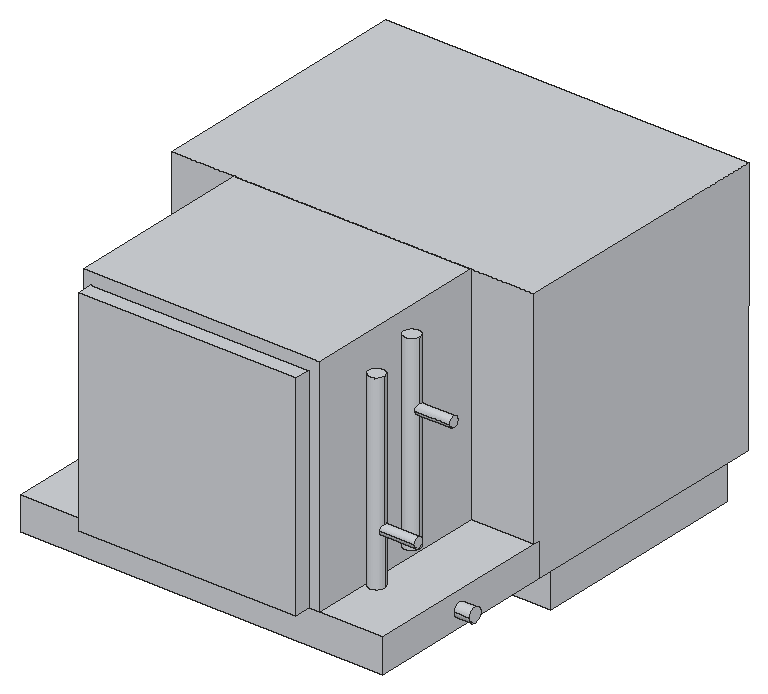
Revit family "M_Unidade de serpentina do ventilador com plenum - Duto horizontal - Retorno inferior", category Equipamento mecânico, Revit 2019
Family settings
  Cota do conector redondo = Utilizar diâmetro
  Tipo de parte = Normal
  Número OmniClass = 23.75.70.17.27
  Título OmniClass = Fan Coil Units
  ID de item do Seek = Fan Coil Unit with Plenum - Horizontal Ducted - CHW - Bottom Return-0000-CAN-ENU
  Com base no plano de trabalho = Não
  Sempre na vertical = Sim
  Corte com vazios quando carregada = Não
  Compartilhado = Não
  Ponto de cálculo do ambiente = Não
Parameters (values of type "282 LPS")
  Queda de pressão da água [instance] = 9652.66 Pa
  Voltagem = 120 V
  Comprimento da unidade = 584.2 mm
  Capacidade de resfriamento total = 5773.5 W
  Largura do ar de fornecimento = 350 mm
  Capacidade de resfriamento perceptível = 4220.22 W
  Largura do ar de retorno = 550 mm
  Número de pólos = 1
  Fluxo de ar nominal [instance] = 283.17 L/s
  Classificação de carga = Refrigeração
  Pressão estática externa [instance] = 74.65 Pa
  Fluxo da drenagem [instance] = 0.0 L/s
  Comprimento da serpentina = 381 mm
  Fluxo da água resfriada [instance] = 0.25 L/s
  Material CFU = none
  Carga aparente = 265 VA
Types (9, lengths in mm): name | Queda de pressão da água | Comprimento da unidade | Capacidade de resfriamento total | Largura do ar de fornecimento | Capacidade de resfriamento perceptível | Largura do ar de retorno | Fluxo de ar nominal | Comprimento da serpentina | Fluxo da água resfriada | Carga aparente
  (no name) | 9652.66 Pa | 584.2 | 5773.5 W | 350 | 4220.22 W | 550 | 283.17 L/s | 381 | 0.25 L/s | 265 VA
  282 LPS | 9652.66 Pa | 584.2 | 5773.5 W | 350 | 4220.22 W | 550 | 283.17 L/s | 381 | 0.25 L/s | 265 VA
  376 LPS | 21373.7 Pa | 711.2 | 8616.29 W | 500 | 6037.26 W | 650 | 377.56 L/s | 508 | 0.38 L/s | 310 VA
  470 LPS | 44815.9 Pa | 812.8 | 11283.2 W | 600 | 7737.08 W | 750 | 471.95 L/s | 609.6 | 0.5 L/s | 440 VA
  564 LPS | 89631.8 Pa | 939.8 | 13950.2 W | 700 | 9466.2 W | 900 | 566.34 L/s | 736.6 | 0.63 L/s | 550 VA
  658 LPS | 144789.9 Pa | 1066.8 | 15474.1 W | 850 | 10697.1 W | 1000 | 660.73 L/s | 863.6 | 0.69 L/s | 690 VA
  752 LPS | 172368.9 Pa | 1193.8 | 18961.7 W | 950 | 12777.9 W | 1150 | 755.12 L/s | 990.6 | 0.95 L/s | 900 VA
  846 LPS | 172368.9 Pa | 1320.8 | 22185.5 W | 1100 | 14770.8 W | 1250 | 849.51 L/s | 1117.6 | 1.2 L/s | 1015 VA
  940 LPS | 172368.9 Pa | 1422.4 | 24149.1 W | 1200 | 16177.5 W | 1350 | 943.89 L/s | 1219.2 | 1.2 L/s | 1020 VA
Reference planes
  plane 1 "Centro (Frente/Trás)": y = 0
  plane 2: z = 0
  plane 3 "Centro (Esquerda/Direita)": x = 0
  plane 4: x = 584.2
  plane 5: x = 114.3
  plane 6: y = 736.6
  plane 7: y = -25.4
  plane 8: x = 464.3
  plane 9: x = 289.3
  plane 10: x = 101.6
  plane 11: x = 482.6
  plane 12: z = 415.925
  plane 13: z = 293.687
  plane 14: z = 396.875
  plane 15: z = 53.975
  plane 16: y = 317.5
  plane 17: y = 304.8
  plane 18: z = -63.5
  plane 19: x = 25.4
  plane 20: x = 575.4
  plane 21: y = 527.05
  plane 22: y = 349.25
  plane 23: y = 704.85
  plane 24: y = 153.987
  plane 25: y = 82.55
  plane 26: z = 150.812
  plane 27: x = 508
  plane 28: z = 92.075
  plane 29: z = 371.475
  plane 30: z = 66.675
  plane 31: z = 26.987
  plane 32: x = 609.6
Forms (mm)
  Extrusion 1, solid, material <- "Material CFU"
    sketch origin (0, 0, 0) x (1, 0, 0) y (0, 1, 0)
      loop
        line (0, 317.5) -> (0, 0) -> (584.2, 0) -> (584.2, 317.5) -> (0, 317.5)
    from 0 to 53.975
  Extrusion 2, solid, material <- "Material CFU"
    sketch origin (0, 0, 0) x (0, 1, 0) y (0, 0, 1)
      loop
        line (-25.4, 396.875) -> (-25.4, 53.975) -> (0, 53.975) -> (0, 396.875) -> (-25.4, 396.875)
    from 114.3 to 464.3
  Extrusion 3, solid, material <- "Material CFU"
    sketch origin (0, 0, 0) x (0, 1, 0) y (0, 0, 1)
      loop
        line (0, 415.925) -> (0, 53.975) -> (304.8, 53.975) -> (304.8, 415.925) -> (0, 415.925)
    from 101.6 to 482.6
  Extrusion 4, solid, material <- "Material CFU"
    sketch origin (0, 0, 0) x (0, 1, 0) y (0, 0, 1)
      loop
        line (304.8, 415.925) -> (304.8, 53.975) -> (317.5, 53.975) -> (317.5, 0) -> (736.6, 0) -> (736.6, 415.925) -> (304.8, 415.925)
    from 0 to 584.2
  Extrusion 5, solid, material <- "Material CFU"
    sketch origin (0, 0, 0) x (0, 1, 0) y (0, 0, 1)
      loop
        line (349.25, 0) -> (349.25, -63.5) -> (704.85, -63.5) -> (704.85, 0) -> (349.25, 0)
    from 25.4 to 575.4
  Extrusion 6, solid, material <- "Material CFU"
    sketch origin (0, 0, 0) x (1, 0, 0) y (0, 1, 0)
      loop
        circle (508, 153.987) r 12.7
    from 92.075 to 396.875
  Extrusion 7, solid, material <- "Material CFU"
    sketch origin (0, 0, 0) x (1, 0, 0) y (0, 1, 0)
      loop
        circle (508, 82.55) r 12.7
    from 66.675 to 371.475
  Extrusion 8, solid, material <- "Material CFU"
    sketch origin (0, 0, 0) x (0, 1, 0) y (0, 0, 1)
      loop
        circle (153.987, 293.687) r 7.938
    from 508 to 575.4
  Extrusion 9, solid, material <- "Material CFU"
    sketch origin (0, 0, 0) x (0, 1, 0) y (0, 0, 1)
      loop
        circle (82.55, 150.812) r 7.938
    from 508 to 575.4
  Extrusion 10, solid, material <- "Material CFU"
    sketch origin (0, 0, 0) x (0, 1, 0) y (0, 0, 1)
      loop
        circle (153.987, 26.987) r 11.113
    from 584.2 to 609.6
Cuts and joins
  joined: Extrusion 6, Extrusion 8
  joined: Extrusion 7, Extrusion 9
  joined: Extrusion 1, Extrusion 2, Extrusion 5
Dimensions and locks
  "Comprimento da unidade": plane 3 "Centro (Esquerda/Direita)" to plane 4
  locked: plane 3 "Centro (Esquerda/Direita)" to plane 5 at 114.3
  locked: plane 6 to plane 1 "Centro (Frente/Trás)" at 736.6
  locked: plane 7 to plane 1 "Centro (Frente/Trás)" at 25.4
  "Largura do ar de fornecimento": plane 5 to plane 8
  equal spacing: plane 5, plane 9, plane 8
  "Comprimento da serpentina": plane 10 to plane 11
  locked: plane 12 to plane 2 at 415.925
  locked: plane 12 to plane 13 at 122.237
  locked: plane 12 to plane 14 at 19.05
  locked: plane 14 to plane 15 at 342.9
  locked: plane 16 to plane 6 at 419.1
  locked: plane 17 to plane 16 at 12.7
  locked: plane 2 to plane 18 at 63.5
  locked: plane 3 "Centro (Esquerda/Direita)" to plane 19 at 25.4
  "Largura do ar de retorno": plane 19 to plane 20
  equal spacing: plane 16, plane 21, plane 6
  equal spacing: plane 22, plane 21, plane 23
  locked: plane 22 to plane 23 at 355.6
  locked: plane 1 "Centro (Frente/Trás)" to plane 24 at 153.987
  locked: plane 25 to plane 24 at 71.438
  locked: plane 12 to plane 26 at 265.113
  locked: plane 11 to plane 27 at 25.4
  locked: plane 14 to plane 28 at 304.8
  locked: plane 14 to plane 29 at 25.4
  locked: plane 28 to plane 30 at 25.4
  equal spacing: plane 15, plane 31, plane 2
  locked: plane 4 to plane 32 at 25.4
  aligned and locked: plane 3 "Centro (Esquerda/Direita)" to Extrusion 1 sketch curve
  aligned and locked: plane 1 "Centro (Frente/Trás)" to Extrusion 1 sketch curve
  aligned and locked: Extrusion 1 sketch curve to plane 4
  aligned and locked: Extrusion 1 to plane 2
  aligned and locked: plane 7 to Extrusion 2 sketch curve
  aligned and locked: Extrusion 2 sketch curve to plane 14
  aligned and locked: plane 15 to Extrusion 2 sketch curve
  aligned and locked: plane 1 "Centro (Frente/Trás)" to Extrusion 2 sketch curve
  aligned and locked: plane 15 to Extrusion 1
  aligned and locked: Extrusion 1 to plane 16
  aligned and locked: Extrusion 3 sketch curve to plane 12
  aligned and locked: Extrusion 3 sketch curve to plane 1 "Centro (Frente/Trás)"
  aligned and locked: plane 15 to Extrusion 3 sketch curve
  aligned and locked: plane 17 to Extrusion 3 sketch curve
  aligned and locked: plane 8 to Extrusion 2
  aligned and locked: Extrusion 2 to plane 5
  aligned and locked: Extrusion 3 to plane 10
  aligned and locked: Extrusion 3 to plane 11
  aligned and locked: Extrusion 4 sketch curve to plane 12
  aligned and locked: Extrusion 4 sketch curve to plane 17
  aligned and locked: plane 15 to Extrusion 4 sketch curve
  aligned and locked: Extrusion 4 sketch curve to plane 16
  aligned and locked: plane 2 to Extrusion 4 sketch curve
  aligned and locked: plane 6 to Extrusion 4 sketch curve
  aligned and locked: Extrusion 4 to plane 3 "Centro (Esquerda/Direita)"
  aligned and locked: plane 4 to Extrusion 4
  aligned and locked: plane 22 to Extrusion 5 sketch curve
  aligned and locked: plane 18 to Extrusion 5 sketch curve
  aligned and locked: plane 23 to Extrusion 5 sketch curve
  aligned and locked: Extrusion 5 sketch curve to plane 2
  aligned and locked: Extrusion 5 to plane 19
  aligned and locked: plane 20 to Extrusion 5
  aligned and locked: plane 24 to Extrusion 6 sketch curve
  aligned and locked: plane 27 to Extrusion 6 sketch curve
  aligned and locked: plane 25 to Extrusion 7 sketch curve
  aligned and locked: plane 27 to Extrusion 7 sketch curve
  aligned and locked: plane 14 to Extrusion 6
  aligned and locked: Extrusion 6 to plane 14
  aligned and locked: Extrusion 6 to plane 28
  aligned and locked: plane 29 to Extrusion 7
  aligned and locked: Extrusion 7 to plane 30
  aligned and locked: plane 13 to Extrusion 8 sketch curve
  aligned and locked: plane 24 to Extrusion 8 sketch curve
  aligned and locked: plane 26 to Extrusion 9 sketch curve
  aligned and locked: plane 25 to Extrusion 9 sketch curve
  aligned and locked: plane 20 to Extrusion 8
  aligned and locked: plane 20 to Extrusion 9
  aligned and locked: plane 27 to Extrusion 8
  aligned and locked: plane 27 to Extrusion 9
  aligned and locked: plane 31 to Extrusion 10 sketch curve
  aligned and locked: plane 24 to Extrusion 10 sketch curve
  aligned and locked: plane 32 to Extrusion 10
  aligned and locked: Extrusion 10 to plane 4
Automatic sketch dimensions
  Extrusion 1 sketch curve to plane 1 "Centro (Frente/Trás)" = 317.5 mm
  radius of Extrusion 6 sketch curve = 12.7 mm
  radius of Extrusion 7 sketch curve = 12.7 mm
  radius of Extrusion 8 sketch curve = 7.938 mm
  radius of Extrusion 9 sketch curve = 7.938 mm
  radius of Extrusion 10 sketch curve = 11.113 mm
Connectors
  hvac at (289.3, -25.4, 225.425), driven by "Fluxo de ar nominal", driven by "Largura do ar de fornecimento"
    settings: on cut or joined group of Extrusion 1, Extrusion 2, Extrusion 5, index 1, duct flow 283.17 L/s, flow factor 0, pres drop 0.0 Pa, loss coef 0, conn angle 0.00°, conn width 350 mm, conn height 342.9 mm, conn diameter 609.6 mm, duct sys type 1, conn prof type 1, flow config 0, flow direction 2, loss method 0, conn ref index 2, conn util no, is conn primary yes, conn desc ""
  hvac at (300.4, 527.05, -63.5), driven by "Fluxo de ar nominal", driven by "Largura do ar de retorno"
    settings: on cut or joined group of Extrusion 1, Extrusion 2, Extrusion 5, index 2, duct flow 283.17 L/s, flow factor 0, pres drop 0.0 Pa, loss coef 0, conn angle 0.00°, conn width 550 mm, conn height 355.6 mm, conn diameter 609.6 mm, duct sys type 2, conn prof type 1, flow config 0, flow direction 1, loss method 0, conn ref index 1, conn util no, is conn primary no, conn desc ""
  piping at (575.4, 82.55, 150.812), diameter 15.875, driven by "Fluxo da água resfriada"
    settings: on cut or joined group of Extrusion 7, Extrusion 9, index 3, connector inside diameter 15.875 mm, connector length 0 mm, flow factor 0, pipe flow 0.25 L/s, pressure drop 0.0 Pa, fitting loss kfactor 0, connector angle 0.00°, fixture units 0, engagement length 0 mm, angle of deflection 0.00°, flow configuration 1, flow direction 1, fitting loss method 4, system type 7, joint type 0, gender type 0, connector reference index 4, connector utility 0, adjustable connector no, is connector primary yes, connector description "Água resfriada, Entrada"
  piping at (575.4, 153.987, 293.687), diameter 15.875, driven by "Fluxo da água resfriada", driven by "Queda de pressão da água"
    settings: on cut or joined group of Extrusion 6, Extrusion 8, index 4, connector inside diameter 15.875 mm, connector length 0 mm, flow factor 0, pipe flow 0.25 L/s, pressure drop 9652.66 Pa, fitting loss kfactor 0, connector angle 0.00°, fixture units 0, engagement length 0 mm, angle of deflection 0.00°, flow configuration 1, flow direction 2, fitting loss method 4, system type 8, joint type 0, gender type 0, connector reference index 3, connector utility 0, adjustable connector no, is connector primary no, connector description "Água resfriada, Saída"
  piping at (609.6, 153.987, 26.987), diameter 22.225, driven by "Fluxo da drenagem"
    settings: on Extrusion 10, index 5, connector inside diameter 22.225 mm, connector length 0 mm, flow factor 0, pipe flow 0.0 L/s, pressure drop 0.0 Pa, fitting loss kfactor 0, connector angle 0.00°, fixture units 0, engagement length 0 mm, angle of deflection 0.00°, flow configuration 1, flow direction 2, fitting loss method 0, system type 16, joint type 0, gender type 0, connector reference index -1, connector utility 0, adjustable connector yes, is connector primary no, connector description "Drenagem, Saída"
  electrical at (0, 452.967, 156.633), driven by "Carga aparente", driven by "Voltagem", driven by "Número de pólos", driven by "Classificação de carga"
    settings: on Extrusion 4, index 6, voltage 120 V, apparent load 265 VA, apparent load phase1 0 VA, apparent load phase2 0 VA, apparent load phase3 0 VA, power factor 0.8, load classification "Refrigeração", number of poles 1, system type 30, power factor state 1, is connector primary yes, connector utility no, sub classification motor no, connector description ""
